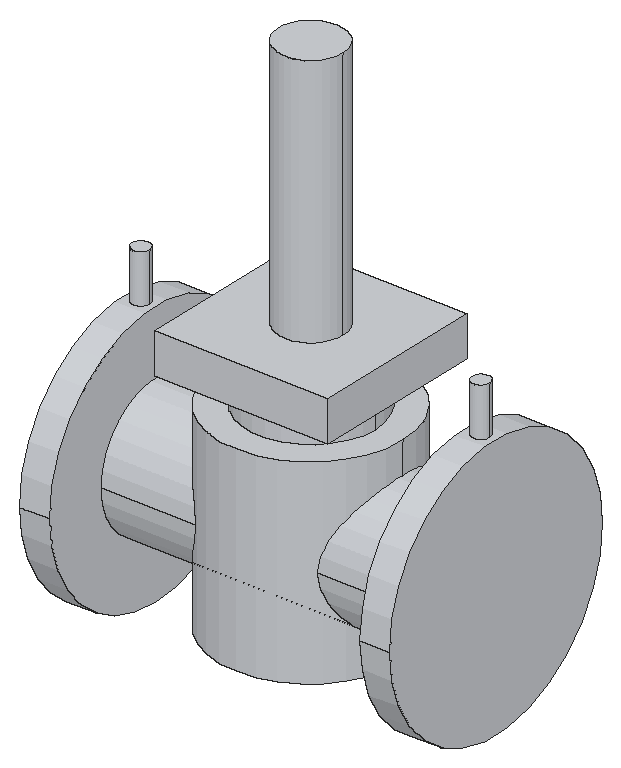
Revit family "OPTIMA_Compact_FLANGE_PN25_DN050-HF_RFA_2018", category Pipe Accessories, Revit 2018
Family settings
  Round Connector Dimension = Use Diameter
  Part Type = Valve - Breaks Into
  Work Plane-Based = No
  Always vertical = Yes
  Cut with Voids When Loaded = No
  Shared = No
Parameters (values of type "Optima Compact Flange PN25 DN050 HF")
  magiProductId = "Frese Optima Flange DN050 HF"
  magiProductFamilyId = "Frese Optima Flange *"
  magiPartTypeId = 304
  isMeasuringValve [instance] = no
  ang2D [instance] = 0.00°
  W2D = 50 mm
  VersionID = "2.0/2018.8.28.1/FRESE_OPTIMA_FLANGE_Q13_002"
  Use Minimum Symbol Size [instance] = yes
  URL = "www.hydronic.cz"
  Type Comments = "Přírubový; PN25; 0~120°C, s měřením"
  R4 = 40.25 mm
  R3 = 42.9 mm
  R1 = 57.5 mm
  QmdConnectorList = "301;D;302;D"
  Productdata [instance] = ""
  Manufacturer = "Hydronic Systems Prague s.r.o."
  MC Product Code = "53-1230 (DN50 HF; 20mm; pohon min 1000N; Qmin-dpmin 3900l/h-19.0kPa; Qmax-dpmin 24000l/h-50.0kPa; dpmax 800kPa)"
  MC Piping Given Pressure Drop [instance] = 0.0 Pa
  LF__ve = -LF  # -18.4 mm
  LF2 = 9.2 mm
  LF = 18.4 mm
  L4 = 108.1 mm
  L3 = 193.2 mm
  L2D_Min = 3048 mm
  L2D = 230 mm
  L2 = 115 mm
  H6 = 157.25 mm
  H4 = 24.75 mm
  H3 = 20.625 mm
  H2 = 61.875 mm
  H1 = 123.75 mm
  Description = "Tlakově nezávislý 2-cestný regulační vyvažovací ventil (PICV)"
  DF2 = 82.5 mm
  D = 50 mm
  CAT0 = yes
Types (14, lengths in mm): name | magiProductId | magiProductFamilyId | W2D | Type Comments | R4 | R3 | R1 | MC Product Code | LF__ve | LF2 | LF | L4 | L3 | L2D | L2 | H6 | H4 | H3 | H2 | H1 | DF2 | D
  Optima Compact Flange PN25 DN050 LF | "Frese Optima Flange DN050 LF" | "Frese Optima Flange *" | 50 | "Přírubový; PN25; 0~120°C, s měřením" | 40.3 | 42.9 | 57.5 | "53-1220 (DN50 LF; 20mm; pohon min 1000N; Qmin-dpmin 2500l/h-6.5kPa; Qmax-dpmin 15000l/h-20.0kPa; dpmax 800kPa)" | -18.4 | 9.2 | 18.4 | 108.1 | 193.2 | 230 | 115 | 157.3 | 24.8 | 20.6 | 61.9 | 123.8 | 82.5 | 50
  Optima Compact Flange PN25 DN050 HF | "Frese Optima Flange DN050 HF" | "Frese Optima Flange *" | 50 | "Přírubový; PN25; 0~120°C, s měřením" | 40.25 | 42.9 | 57.5 | "53-1230 (DN50 HF; 20mm; pohon min 1000N; Qmin-dpmin 3900l/h-19.0kPa; Qmax-dpmin 24000l/h-50.0kPa; dpmax 800kPa)" | -18.4 | 9.2 | 18.4 | 108.1 | 193.2 | 230 | 115 | 157.25 | 24.75 | 20.625 | 61.875 | 123.75 | 82.5 | 50
  Optima Compact Flange PN25 DN065 LF | "Frese Optima Flange DN065 LF" | "Frese Optima Flange *" | 50 | "Přírubový; PN25; 0~120°C, s měřením" | 50.75 | 48.1 | 72.5 | "53-1221 (DN65 LF; 20mm; pohon min 1000N; Qmin-dpmin 4400l/h-15.0kPa; Qmax-dpmin 25000l/h-25.0kPa; dpmax 800kPa)" | -23.2 | 11.6 | 23.2 | 136.3 | 243.6 | 230 | 145 | 171.25 | 27.75 | 23.125 | 69.375 | 138.75 | 92.5 | 65
  Optima Compact Flange PN25 DN065 HF | "Frese Optima Flange DN065 HF" | "Frese Optima Flange *" | 50 | "Přírubový; PN25; 0~120°C, s měřením" | 50.75 | 48.1 | 72.5 | "53-1231 (DN65 HF; 20mm; pohon min 1000N; Qmin-dpmin 6000l/h-30.0kPa; Qmax-dpmin 35000l/h-55.0kPa; dpmax 800kPa)" | -23.2 | 11.6 | 23.2 | 136.3 | 243.6 | 230 | 145 | 171.25 | 27.75 | 23.125 | 69.375 | 138.75 | 92.5 | 65
  Optima Compact Flange PN25 DN080 LF | "Frese Optima Flange DN080 LF" | "Frese Optima Flange *" | 50 | "Přírubový; PN25; 0~120°C, s měřením" | 54.25 | 52 | 77.5 | "53-1222 (DN80 LF; 20mm; pohon min 1000N; Qmin-dpmin 5300l/h-16.0kPa; Qmax-dpmin 34000l/h-25.0kPa; dpmax 800kPa)" | -24.8 | 12.4 | 24.8 | 145.7 | 260.4 | 230 | 155 | 183 | 30 | 25 | 75 | 150 | 100 | 80
  Optima Compact Flange PN25 DN080 HF | "Frese Optima Flange DN080 HF" | "Frese Optima Flange *" | 50 | "Přírubový; PN25; 0~120°C, s měřením" | 54.25 | 52 | 77.5 | "53-1232 (DN80 HF; 20mm; pohon min 1000N; Qmin-dpmin 7000l/h-23.0kPa; Qmax-dpmin 43000l/h-50.0kPa; dpmax 800kPa)" | -24.8 | 12.4 | 24.8 | 145.7 | 260.4 | 230 | 155 | 183 | 30 | 25 | 75 | 150 | 100 | 80
  Optima Compact Flange PN25 DN100 LF | "Frese Optima Flange DN100 LF" | "Frese Optima Flange *" | 50 | "Přírubový; PN25; 0~120°C, s měřením" | 61.25 | 61.1 | 87.5 | "53-1223 (DN100 LF; 40mm; pohon min 1000N; Qmin-dpmin 12100l/h-20.0kPa; Qmax-dpmin 68000l/h-35.0kPa; dpmax 800kPa)" | -28 | 14 | 28 | 164.5 | 294 | 230 | 175 | 268.75 | 35.25 | 29.375 | 88.125 | 176.25 | 117.5 | 100
  Optima Compact Flange PN25 DN100 HF | "Frese Optima Flange DN100 HF" | "Frese Optima Flange *" | 50 | "Přírubový; PN25; 0~120°C, s měřením" | 61.25 | 61.1 | 87.5 | "53-1233 (DN100 HF; 40mm; pohon min 1000N; Qmin-dpmin 14800l/h-30.0kPa; Qmax-dpmin 90000l/h-75.0kPa; dpmax 800kPa)" | -28 | 14 | 28 | 164.5 | 294 | 230 | 175 | 268.75 | 35.25 | 29.375 | 88.125 | 176.25 | 117.5 | 100
  Optima Compact Flange PN25 DN125 LF | "Frese Optima Flange DN125 LF" | "Frese Optima Flange *" | 50 | "Přírubový; PN25; 0~120°C, s měřením" | 70 | 70.2 | 100 | "53-1224 (DN125 LF; 40mm; pohon min 1000N; Qmin-dpmin 18500l/h-16.0kPa; Qmax-dpmin 110000l/h-35.0kPa; dpmax 800kPa)" | -32 | 16 | 32 | 188 | 336 | 230 | 200 | 275.5 | 40.5 | 33.75 | 101.25 | 202.5 | 135 | 125
  Optima Compact Flange PN25 DN125 HF | "Frese Optima Flange DN125 HF" | "Frese Optima Flange *" | 50 | "Přírubový; PN25; 0~120°C, s měřením" | 70 | 70.2 | 100 | "53-1234 (DN125 HF; 40mm; pohon min 1000N; Qmin-dpmin 23000l/h-27.0kPa; Qmax-dpmin 135000l/h-53.0kPa; dpmax 800kPa)" | -32 | 16 | 32 | 188 | 336 | 230 | 200 | 275.5 | 40.5 | 33.75 | 101.25 | 202.5 | 135 | 125
  Optima Compact Flange PN25 DN150 LF | "Frese Optima Flange DN150 LF" | "Frese Optima Flange *" | 50 | "Přírubový; PN25; 0~110°C, s měřením" | 84 | 74.1 | 120 | "53-1225 (DN150 LF; 43mm; pohon min 1500N; Qmin-dpmin 25600l/h-21.0kPa; Qmax-dpmin 148000l/h-35.0kPa; dpmax 800kPa)" | -38.4 | 19.2 | 38.4 | 225.6 | 403.2 | 230 | 240 | 279.25 | 42.75 | 35.625 | 106.875 | 213.75 | 142.5 | 150
  Optima Compact Flange PN25 DN150 HF | "Frese Optima Flange DN150 HF" | "Frese Optima Flange *" | 50 | "Přírubový; PN25; 0~110°C, s měřením" | 84 | 74.1 | 120 | "53-1235 (DN150 HF; 43mm; pohon min 1500N; Qmin-dpmin 32000l/h-33.0kPa; Qmax-dpmin 195000l/h-65.0kPa; dpmax 800kPa)" | -38.4 | 19.2 | 38.4 | 225.6 | 403.2 | 230 | 240 | 279.25 | 42.75 | 35.625 | 106.875 | 213.75 | 142.5 | 150
  Optima Compact Flange PN25 DN200 LF | "" | "" | 100 | "Přírubový; PN25; 0~110°C, s měřením" | 164.5 | 98.8 | 235 | "53-1226 (DN200 LF; 43mm; pohon min 1500N; Qmin-dpmin 95000l/h-11.0kPa; Qmax-dpmin 210000l/h-32.0kPa; dpmax 800kPa)" | -48 | 24 | 48 | 282 | 504 | 350 | 300 | 281 | 57 | 15 | 209 | 380 | 190 | 200
  Optima Compact Flange PN25 DN200 HF | "" | "" | 100 | "Přírubový; PN25; 0~110°C, s měřením" | 164.5 | 98.8 | 235 | "53-1236 (DN200 HF; 43mm; pohon min 1500N; Qmin-dpmin 130000l/h-31.0kPa; Qmax-dpmin 280000l/h-78.0kPa; dpmax 800kPa)" | -48 | 24 | 48 | 282 | 504 | 350 | 300 | 281 | 57 | 15 | 209 | 380 | 190 | 200
Reference planes
  plane 1 "Center (Front/Back)": y = 0
  plane 2 "XYPLANE": z = 0
  plane 3 "Center (Left/Right)": x = 0
  plane 4 "157": x = 105.8
  plane 5 "156": x = -105.8
  plane 6 "155": z = 82.5
  plane 7 "154": z = 107.25
  plane 8 "153": z = 82.5
  plane 9 "152": z = 61.875
  plane 10 "151": x = -96.6
  plane 11 "150": z = -61.875
  plane 12 "149": x = 0
  plane 13 "148": y = 0
  plane 14 "147": z = 0
  plane 15 "146": x = -115
  plane 16 "145": x = 115
Forms (mm)
  Extrusion 1, solid, visible <- "CAT0"
    sketch origin (-750, 0, 82.5) x (1, 0, 0) y (0, 1, 0)
      loop
        circle (855.8, 0) r 5.5
    from 0 to 30
  Extrusion 2, solid, visible <- "CAT0"
    sketch origin (-750, 0, 82.5) x (1, 0, 0) y (0, 1, 0)
      loop
        circle (644.2, 0) r 5.5
    from 0 to 30
  Extrusion 3, solid, visible <- "CAT0"
    sketch origin (-750, 0, 107.25) x (1, 0, 0) y (0, 1, 0)
      loop
        circle (750, 0) r 20
    from 0 to 157.25 <- "H6"
  Extrusion 4, solid, visible <- "CAT0"
    sketch origin (-750, 0, 82.5) x (1, 0, 0) y (0, 1, 0)
      loop
        line (804.05, 54.05) -> (695.95, 54.05) -> (695.95, -54.05) -> (804.05, -54.05) -> (804.05, 54.05)
    from 0 to 24.75 <- "H4"
  Extrusion 5, solid, visible <- "CAT0"
    sketch origin (-750, 0, 61.875) x (1, 0, 0) y (0, 1, 0)
      loop
        circle (750, 0) r 40.25
    from 0 to 20.625 <- "H3"
  Extrusion 6, solid, visible <- "CAT0"
    sketch origin (-96.6, -750, 0) x (0, 1, 0) y (0, 0, 1)
      loop
        circle (750, 0) r 42.9
    from 0 to 193.2 <- "L3"
  Extrusion 7, solid, visible <- "CAT0"
    sketch origin (-750, 0, -61.875) x (1, 0, 0) y (0, 1, 0)
      loop
        circle (750, 0) r 57.5
    from 0 to 123.75 <- "H1"
  Extrusion 8, solid, visible <- "CAT0"
    sketch origin (-115, -750, 0) x (0, 1, 0) y (0, 0, 1)
      loop
        circle (750, 0) r 82.5
    from 0 to 18.4 <- "LF"
  Extrusion 9, solid, visible <- "CAT0"
    sketch origin (115, -750, 0) x (0, 1, 0) y (0, 0, 1)
      loop
        circle (750, 0) r 82.5
    from 0 to -18.4 <- "LF__ve"
  Extrusion 10, solid, not visible
    sketch origin (-115, -750, 0) x (0, 1, 0) y (0, 0, 1)
      loop
        circle (750, 0) r 10
    from 0 to 10
  Extrusion 11, solid, not visible
    sketch origin (115, -750, 0) x (0, 1, 0) y (0, 0, 1)
      loop
        circle (750, 0) r 10
    from 0 to -10
Lines and regions (mm)
  reference lines, not visible
    curve 1: circle (2, 2, 0) r 1 normal (0, 0, 1)
  reference lines
    curve 2: circle (0, 0, 82.5) r 1 normal (0, 0, 1)
Dimensions and locks
  plane 1 "Center (Front/Back)" to curve 1 = 2 mm
  "LF2": plane 16 "145" to plane 4 "157"
  "LF2": plane 15 "146" to plane 5 "156"
  "DF2": plane 2 "XYPLANE" to plane 6 "155"
  "H4": plane 8 "153" to plane 7 "154"
  "H3": plane 9 "152" to plane 8 "153"
  "H1": plane 11 "150" to plane 9 "152"
  "LF": plane 15 "146" to plane 10 "151"
  "H2": plane 2 "XYPLANE" to plane 11 "150"
  locked: plane 3 "Center (Left/Right)" to plane 12 "149"
  locked: plane 1 "Center (Front/Back)" to plane 13 "148"
  locked: plane 2 "XYPLANE" to plane 14 "147"
  "L2": plane 3 "Center (Left/Right)" to plane 15 "146"
  "L2": plane 3 "Center (Left/Right)" to plane 16 "145"
  equal spacing: Extrusion 4 sketch curve, curve 2, Extrusion 4 sketch curve  (x2)
  "L4": Extrusion 4 sketch curve to Extrusion 4 sketch curve  (x2)
  Extrusion 4 sketch curve to Extrusion 4 sketch curve = 0 mm  (x8)
  "R4": radius of Extrusion 5 sketch curve
  "R3": radius of Extrusion 6 sketch curve
  "R1": radius of Extrusion 7 sketch curve
  "DF2": radius of Extrusion 8 sketch curve
  "DF2": radius of Extrusion 9 sketch curve
  aligned and locked: level to plane 2 "XYPLANE"
  aligned and locked: plane 4 "157" to Extrusion 1 sketch curve
  aligned and locked: plane 13 "148" to Extrusion 1 sketch curve
  aligned and locked: plane 5 "156" to Extrusion 2 sketch curve
  aligned and locked: plane 13 "148" to Extrusion 2 sketch curve
  aligned and locked: plane 12 "149" to Extrusion 3 sketch curve
  aligned and locked: plane 13 "148" to Extrusion 3 sketch curve
  aligned and locked: plane 12 "149" to curve 2
  aligned and locked: plane 13 "148" to curve 2
  aligned and locked: plane 12 "149" to Extrusion 5 sketch curve
  aligned and locked: plane 13 "148" to Extrusion 5 sketch curve
  aligned and locked: Extrusion 6 sketch curve to plane 13 "148"
  aligned and locked: plane 14 "147" to Extrusion 6 sketch curve
  aligned and locked: plane 12 "149" to Extrusion 7 sketch curve
  aligned and locked: plane 13 "148" to Extrusion 7 sketch curve
  aligned and locked: Extrusion 8 sketch curve to plane 13 "148"
  aligned and locked: plane 14 "147" to Extrusion 8 sketch curve
  aligned and locked: Extrusion 9 sketch curve to plane 13 "148"
  aligned and locked: plane 14 "147" to Extrusion 9 sketch curve
  aligned and locked: Extrusion 10 sketch curve to plane 13 "148"
  aligned and locked: plane 14 "147" to Extrusion 10 sketch curve
  aligned and locked: Extrusion 11 sketch curve to plane 13 "148"
  aligned and locked: plane 14 "147" to Extrusion 11 sketch curve
Automatic sketch dimensions
  Extrusion 1 sketch curve to plane 4 "157" = 5.5 mm
  plane 15 "146" to Extrusion 2 sketch curve = 3.7 mm
  Extrusion 3 sketch curve to plane 3 "Center (Left/Right)" = 20 mm
  plane 1 "Center (Front/Back)" to Extrusion 10 sketch curve = 10 mm
  plane 1 "Center (Front/Back)" to Extrusion 11 sketch curve = 10 mm
  plane 3 "Center (Left/Right)" to curve 1 = 2 mm
  plane 10 "151" to Extrusion 4 sketch curve = 42.55 mm
  plane 1 "Center (Front/Back)" to Extrusion 4 sketch curve = 54.05 mm
  radius of curve 2 = 1 mm
  radius of curve 1 = 1 mm
Connectors
  piping at (-115, 0, 0), diameter 50, driven by "D"
    settings: on Extrusion 10, index 1, connector inside diameter 609.6 mm, connector length 0 mm, flow factor 0, pipe flow 0.0 L/s, pressure drop 0.0 Pa, fitting loss kfactor 0, connector angle 0.00°, fixture units 0, engagement length 0 mm, angle of deflection 0.00°, flow configuration 0, flow direction 0, fitting loss method 0, system type 29, joint type 0, gender type 0, connector reference index 2, connector utility 0, adjustable connector no, is connector primary yes, connector description ""
  piping at (115, 0, 0), diameter 50, driven by "D"
    settings: on Extrusion 11, index 2, connector inside diameter 609.6 mm, connector length 0 mm, flow factor 0, pipe flow 0.0 L/s, pressure drop 0.0 Pa, fitting loss kfactor 0, connector angle 0.00°, fixture units 0, engagement length 0 mm, angle of deflection 0.00°, flow configuration 0, flow direction 0, fitting loss method 0, system type 29, joint type 0, gender type 0, connector reference index 1, connector utility 0, adjustable connector no, is connector primary no, connector description ""
